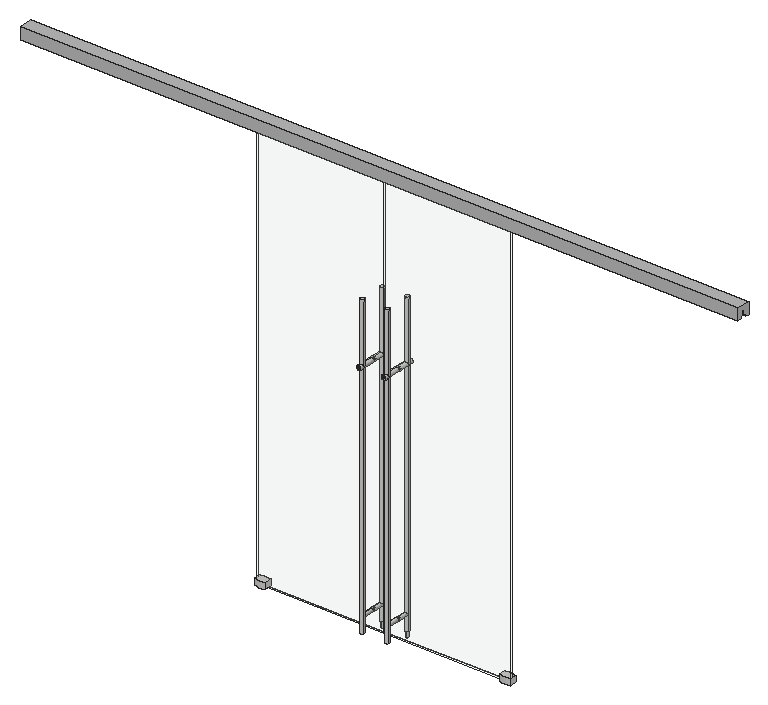
Revit family "Doors_Sliding_Avanti_Systems_Polaris-Auto-Magnetic-Slider_Pair-Soffit-Mount-Dbl-Glazed", category Doors, Revit 2015
Parameters (values of type "Load Family Type Catalog")
  Youtube clip = ""
  Weight Net (Kg) = "0"
  Warranty = "1 year"  # constant formula
  Uniformat II Description = "Interior Doors"
  Uniformat II Code = "C1020"
  Uniclass 2015 Name = "Sliding door and partition sets"
  Uniclass 2015 Code = "Pr_30_59_24_80"
  Uniclass 2.0 Description = "Sliding Door And Partition Sets"
  Uniclass 2.0 Code = "PR-59-23-77"
  Uniclass 1.4 Description = "Doors"
  Uniclass 1.4 Code = "JL20"
  URL = "https://www.avantisystemsusa.com/"
  UNSPSC Code = "30171501"
  Type = 1
  Thickness = if(Type = 1, 1/2", if(Type = 2, 3/8", if(Type = 3, 7/16", if(Type = 4, 9/16", 3/4"))))  # 1/2"
  Technical description = ""
  Stainless Steel Finish = "Yes"  # constant formula
  Sound Rating = 0
  Region South America = "All"
  Region Oceania = "All"
  Region North America = "All"
  Region Middle East = "All"
  Region Europe = "All"
  Region Asia = "All"
  Region Antarctica = "All"
  Region Africa = "All"
  Rail material [instance] = Polyester powder - Avanti - White aluminium METALLIC - RAL9006
  Rail Length [instance] = 3 * (Opening Width)  # 144"
  QR code = "http://bimobject.com/avantisystems/product/avanti-polaris-auto-magnetic-slider"
  Product url = "https://www.avantisystemsusa.com/glass-products/doors/sliding-doors/automatic-doors/"
  Product group = "Automatic Doors"
  Product family = "Sliding Doors"
  Product data url = "https://bimobject.com/avantisystems/product/avanti-polaris-auto-magnetic-slider"
  Product certification = ""
  Product SKU = "avanti-polaris-auto-magnetic-slider"
  Product Guid = "5e847812-9909-4e74-9d64-870bde1c5a5f"
  Power = 110 V  # constant formula
  Opening Width [instance] = 48"
  OmniClass Description = "Sliding All Glass Doors"
  OmniClass Code = "23-17 11 23 13"
  Nominal width = 0"
  Nominal height = 0"
  NBS Reference Description = "Sliding Door And Partition Sets"
  NBS Reference Code = "59-23-77"
  Model = "Polaris™  Auto Magnetic Slider"  # constant formula
  Material secondary = "Aluminium"
  Material main = "Glass"
  Masterformat 2014 Description = "Sliding Aluminum-Framed Glass Doors"
  Masterformat 2014 Code = "08 32 13"
  Manufacturer name = "Avanti Systems"
  Manufacturer country = ""
  Manufacturer = "Avanti Systems USA"  # constant formula
  Lock = "Thumb turn floor lock with a key"
  Ladder Pull Height [instance] = 18"
  LEED compatibility = "LEED 2009 (v3): MRc3, MRc4, MRc5, MRc7, EQc4.2, EQc8.1 and EQc8.2. LEED v4: MRc1, MRc3, MRc4, MRc8, EQc2, EQc7 and EQc8."  # constant formula
  Installation instructions = ""
  IFC Classification = "Door"
  Hardware material [instance] = Stainless Steel - Avanti- Brushed Finish
  Handle type [instance] = Handle : 60" Ladder Pull
  Half_width [instance] = (Opening Width / 2) + 1 1/2"  # 25 1/2"
  Glazing = "Safety Glazing SGCC"
  Glass Width [instance] = 51"
  Glass Material = Glass - Avanti - Laminated Glass
  Glass Marker = yes
  Glass Height [instance] = 83.39926"
  Gap Thickness = if(Type = 1, 1 1/4", if(Type = 2, 1 39/128", if(Type = 3, 1 35/128", if(Type = 4, 1 27/128", 1 15/128"))))  # 1 1/4"
  Function = Interior
  Edition number = 1
  EAN code = ""
  Design country = "United States"
  Description = "The newset innovation in modern interior office entryway design."  # constant formula
  Date of publishing = ""
  Clear Anodic Finish = "ASTM B221 (ASTM B221M)"  # constant formula
  COBIe Type Category = ""
  Brand url = "http://www.avantisystemsusa.com/"
  BIMobject main category code = "doors"
  BIMobject main category = "Doors"
  BIMobject category code = "doors-sliding"
  BIMobject category = "Sliding"
  Analytic Construction = "<None>"
Reference planes (in)
  plane 1 "Center (Front/Back)": y = 0
  plane 2: z = 0
  plane 3 "Center (Left/Right)": x = 1.22127
  plane 4: x = -22.77873
  plane 5: x = 25.22127
  plane 6 "Top": z = 84
  plane 7 "Curtain_wall_center": y = 1.74219
  plane 8 "Curtain_wall_exterior": y = 1.99219
  plane 9 "Curtain_wall_interior": y = 1.49219
  plane 10 "Doors_exterior": y = 3.74219
  plane 11 "Doors_center": y = 3.49219
  plane 12 "Doors_interior": y = 3.24219
  plane 13 "Door_offset_left": x = -24.27873
  plane 14 "Door_offset_top": z = 83.55117
  plane 15 "Handle_placement_top": z = 18
  plane 16 "Handle_placement_level": x = -1.27873
  plane 17: x = -22.2959
  plane 18: z = 0.15191
  plane 19: x = 26.72127
  plane 20: x = 3.72127
  plane 21: x = 24.73844
  plane 22: x = 6.72127
  plane 23: x = 73.22127
  plane 24: x = -70.77873
  plane 25: z = 41.77559
  plane 26: x = 13.97127
  plane 27: x = -12.77873
  plane 28: z = 84.55469
Forms (in)
  Extrusion 1, solid, material "Stainless Steel - Avanti- Brushed Finish" <- "Hardware material"
    sketch origin (-4.50212, 0, 0) x (-1, 0, 0) y (0, -1, 0)
      loop
        line (-31.48642, -2.97625) -> (-31.48642, -4.26321)
        arc (-31.48642, -4.26321) -> (-30.36341, -4.41249) -> (-29.24056, -4.26204) r 4.28197
        line (-29.24056, -4.26204) -> (-29.24056, -2.97625)
        arc (-29.24056, -2.97625) -> (-30.36349, -2.77392) -> (-31.48642, -2.97625) r 3.2173
    from 0 to 1.21575
  Extrusion 2, solid, material "Glass - Avanti - Laminated Glass" <- "Glass Material"
    sketch origin (0, 0, 0) x (1, 0, 0) y (0, 0, 1)
      loop
        line (26.72127, 83.55117) -> (1.22127, 83.55117) -> (1.22127, 0.15191) -> (26.72127, 0.15191) -> (26.72127, 83.55117)
    from -3.74219 to -3.24219
  Extrusion 3, solid, material "Glass - Avanti - Laminated Glass" <- "Glass Material"
    sketch origin (0, 0, 0) x (1, 0, 0) y (0, 0, 1)
      loop
        line (1.22127, 83.55117) -> (-24.27873, 83.55117) -> (-24.27873, 0.15191) -> (1.22127, 0.15191) -> (1.22127, 83.55117)
    from -3.74219 to -3.24219
  Sweep 4, solid, material "Polyester powder - Avanti - White aluminium METALLIC - RAL9006" <- "Rail material"
    path origin (0, 0, 12.28232) x (1, 0, 0) y (0, 0, 1)
      loop
        line (73.22127, 71.35828) -> (-70.77873, 71.35828)
    profile origin (1.22127, 0, 83.64061) x (0, 0, -1) y (0, -1, 0)
      loop
        line (1.44813, -4.75446) -> (1.44813, -4.1639) -> (1.05049, -4.1639) -> (1.05049, -3.74219) -> (0.08944, -3.74219) -> (0.08944, -3.24219) -> (1.08986, -3.24219) -> (1.08986, -2.96705) -> (1.44813, -2.96705) -> (1.44813, -1.99855) -> (-0.91408, -1.99855) -> (-0.91408, -4.75446) -> (1.44813, -4.75446)
  Extrusion 5, solid, material "Stainless Steel - Avanti- Brushed Finish" <- "Hardware material", not visible
    sketch origin (6.49788, 0, 0) x (-1, 0, 0) y (0, -1, 0)
      loop
        line (-20.48642, -2.97625) -> (-20.48642, -4.26321)
        arc (-20.48642, -4.26321) -> (-19.36341, -4.41249) -> (-18.24056, -4.26204) r 4.28197
        line (-18.24056, -4.26204) -> (-18.24056, -2.97625)
        arc (-18.24056, -2.97625) -> (-19.36349, -2.77392) -> (-20.48642, -2.97625) r 3.2173
    from 0 to 1.21575
  Extrusion 6, solid, material "Stainless Steel - Avanti- Brushed Finish" <- "Hardware material", not visible
    sketch origin (-4.50212, 0, 0) x (-1, 0, 0) y (0, -1, 0)
      loop
        line (-31.48642, -2.97625) -> (-31.48642, -4.26321)
        arc (-31.48642, -4.26321) -> (-30.36341, -4.41249) -> (-29.24056, -4.26204) r 4.28197
        line (-29.24056, -4.26204) -> (-29.24056, -2.97625)
        arc (-29.24056, -2.97625) -> (-30.36349, -2.77392) -> (-31.48642, -2.97625) r 3.2173
    from 0 to 1.21575
  Extrusion 7, solid, material "Stainless Steel - Avanti- Brushed Finish" <- "Hardware material"
    sketch origin (-4.50212, 0, 0) x (-1, 0, 0) y (0, -1, 0)
      loop
        arc (20.03964, -2.97625) -> (18.91671, -2.77392) -> (17.79378, -2.97625) r 3.2173
        line (17.79378, -2.97625) -> (17.79378, -4.26204)
        arc (17.79378, -4.26204) -> (18.91663, -4.41249) -> (20.03964, -4.26321) r 4.28197
        line (20.03964, -4.26321) -> (20.03964, -2.97625)
    from 0 to 1.21575
Lines and regions (in)
  symbolic lines, style "0"
    curve 1: line (-24.54176, 2.97625, 0) -> (-24.54176, 4.23469, 0)
    curve 2: line (-22.2959, 2.97625, 0) -> (-22.2959, 4.23469, 0)
    curve 3: circle (-24.27873, 3.49219, 0) r 0.22256 normal (0, 0, 1)
    curve 4: circle (-24.27873, 3.49219, 0) r 0.13151 normal (0, 0, 1)
    curve 5: circle (-22.55893, 3.49219, 0) r 0.22256 normal (0, 0, 1)
    curve 6: circle (-22.55893, 3.49219, 0) r 0.13151 normal (0, 0, 1)
    curve 7: arc (-22.95391, 3.11788, 0) -> (-22.82196, 3.49219, 0) -> (-22.95391, 3.8665, 0) r 0.59687
    curve 8: arc (-23.88375, 3.8665, 0) -> (-24.0157, 3.49219, 0) -> (-23.88375, 3.11788, 0) r 0.59687
    curve 9: arc (-22.2959, 4.23469, 0) -> (-23.41883, 4.42368, 0) -> (-24.54176, 4.23469, 0) r 3.43052
    curve 10: line (-22.2959, 3.8665, 0) -> (-24.54176, 3.8665, 0)
    curve 11: line (-22.2959, 3.11788, 0) -> (-24.54176, 3.11788, 0)
    curve 23: arc (-22.2959, 2.97625, 0) -> (-23.41883, 2.77392, 0) -> (-24.54176, 2.97625, 0) r 3.2173
    curve 37: line (-22.2959, 3.24219, 0) -> (24.73844, 3.24219, 0)
    curve 38: line (24.73844, 3.24219, 0) -> (24.73844, 3.74219, 0)
    curve 39: line (-22.2959, 3.74219, 0) -> (24.73844, 3.74219, 0)
    curve 40: line (1.22127, 3.74219, 83.55117) -> (1.22127, 3.24219, 83.55117)
    curve 41: line (1.22127, 3.74219, 0.15191) -> (1.22127, 3.74219, 83.55117)
    curve 42: line (1.22127, 3.24219, 0.15191) -> (1.22127, 3.74219, 0.15191)
    curve 43: line (1.22127, 3.24219, 83.55117) -> (1.22127, 3.24219, 0.15191)
    curve 44: line (26.9843, 2.97625, 0) -> (26.9843, 4.23469, 0)
    curve 45: line (24.73844, 2.97625, 0) -> (24.73844, 4.23469, 0)
    curve 46: circle (26.72127, 3.49219, 0) r 0.22256 normal (0, 0, -1)
    curve 47: circle (26.72127, 3.49219, 0) r 0.13151 normal (0, 0, -1)
    curve 48: circle (25.00147, 3.49219, 0) r 0.22256 normal (0, 0, -1)
    curve 49: circle (25.00147, 3.49219, 0) r 0.13151 normal (0, 0, -1)
    curve 50: arc (25.39645, 3.11788, 0) -> (25.26449, 3.49219, 0) -> (25.39645, 3.8665, 0) r 0.59687
    curve 51: arc (26.32629, 3.8665, 0) -> (26.45824, 3.49219, 0) -> (26.32629, 3.11788, 0) r 0.59687
    curve 52: arc (24.73844, 4.23469, 0) -> (25.86137, 4.42368, 0) -> (26.9843, 4.23469, 0) r 3.43052
    curve 53: line (24.73844, 3.8665, 0) -> (26.9843, 3.8665, 0)
    curve 54: line (24.73844, 3.11788, 0) -> (26.9843, 3.11788, 0)
    curve 55: arc (24.73844, 2.97625, 0) -> (25.86137, 2.77392, 0) -> (26.9843, 2.97625, 0) r 3.2173
    curve 62: line (1.22127, 3.74219, 0) -> (1.22127, 3.24219, 0)
  symbolic lines, style "0", not visible
    curve 12: line (-11.39483, 5.69093, 0) -> (-11.39483, 4.43248, 0)
    curve 13: line (-13.64069, 5.69093, 0) -> (-13.64069, 4.43248, 0)
    curve 14: circle (-11.65786, 5.17499, 0) r 0.22256 normal (0, 0, 1)
    curve 15: circle (-11.65786, 5.17499, 0) r 0.13151 normal (0, 0, 1)
    curve 16: circle (-13.37767, 5.17499, 0) r 0.22256 normal (0, 0, 1)
    curve 17: circle (-13.37767, 5.17499, 0) r 0.13151 normal (0, 0, 1)
    curve 18: arc (-12.98268, 5.5493, 0) -> (-13.11464, 5.17499, 0) -> (-12.98268, 4.80068, 0) r 0.59687
    curve 19: arc (-12.05285, 4.80068, 0) -> (-11.92089, 5.17499, 0) -> (-12.05285, 5.5493, 0) r 0.59687
    curve 20: arc (-13.64069, 4.43248, 0) -> (-12.51776, 4.24349, 0) -> (-11.39483, 4.43248, 0) r 3.43052
    curve 21: line (-13.64069, 4.80068, 0) -> (-11.39483, 4.80068, 0)
    curve 22: line (-13.64069, 5.5493, 0) -> (-11.39483, 5.5493, 0)
    curve 24: arc (-13.64069, 5.69093, 0) -> (-12.51776, 5.89326, 0) -> (-11.39483, 5.69093, 0) r 3.2173
    curve 63: line (-24.41025, 3.49219, 0) -> (-24.14722, 3.49219, 0)
    curve 64: line (-11.52635, 5.17499, 0) -> (-11.78938, 5.17499, 0)
    curve 65: line (26.85278, 3.49219, 0) -> (26.58975, 3.49219, 0)
    curve 86: line (-1.27873, 4.49219, 0) -> (-1.27873, 4.99219, 0)
    curve 87: line (20.74894, 3.375, 0) -> (20.74894, 3.875, 0)
    curve 88: line (3.72127, 4.49219, 0) -> (3.72127, 4.99219, 0)
    curve 89: line (-1.27873, 2.11882, 0) -> (-1.27873, 2.68704, 0)
    curve 90: line (20.74894, 1.00164, 0) -> (20.74894, 1.56985, 0)
    curve 91: line (3.72127, 2.11882, 0) -> (3.72127, 2.68704, 0)
  symbolic lines, style "0", detail levels medium+fine
    curve 25: circle (-1.27873, 6.0161, 0) r 0.39445 normal (0, 0, 1)
    curve 26: line (-1.58874, 5.77219, 0) -> (-1.58874, 3.74219, 0)
    curve 27: line (-0.96572, 5.77606, 0) -> (-0.96572, 3.74219, 0)
    curve 28: circle (-1.27873, 0.96828, 0) r 0.39445 normal (0, 0, -1)
    curve 29: line (-1.58874, 1.21218, 0) -> (-1.58874, 3.24219, 0)
    curve 30: line (-0.96572, 1.20831, 0) -> (-0.96572, 3.24219, 0)
    curve 56: circle (3.72127, 6.0161, 0) r 0.39445 normal (0, 0, -1)
    curve 57: line (4.03127, 5.77219, 0) -> (4.03127, 3.74219, 0)
    curve 58: line (3.40826, 5.77606, 0) -> (3.40826, 3.74219, 0)
    curve 59: circle (3.72127, 0.96828, 0) r 0.39445 normal (0, 0, 1)
    curve 60: line (4.03127, 1.21218, 0) -> (4.03127, 3.24219, 0)
    curve 61: line (3.40826, 1.20831, 0) -> (3.40826, 3.24219, 0)
  symbolic lines, style "0", not visible, detail levels medium+fine
    curve 31: circle (20.74894, 4.89891, 0) r 0.39445 normal (0, 0, 1)
    curve 32: line (20.43894, 4.65501, 0) -> (20.43894, 2.625, 0)
    curve 33: line (21.06195, 4.65887, 0) -> (21.06195, 2.625, 0)
    curve 34: circle (20.74894, -0.14891, 0) r 0.39445 normal (0, 0, -1)
    curve 35: line (20.43894, 0.09499, 0) -> (20.43894, 2.125, 0)
    curve 36: line (21.06195, 0.09113, 0) -> (21.06195, 2.125, 0)
  symbolic lines, visible <- "Glass Marker"
    curve 66: line (11.14284, -0.24998, 38.94716) -> (16.7997, -0.24998, 44.60401)
    curve 67: line (13.97127, -0.24998, 39.92763) -> (15.81923, -0.24998, 41.77559)
    curve 68: line (12.12331, -0.24998, 41.77559) -> (13.97127, -0.24998, 43.62354)
    curve 76: line (-15.60716, -0.24998, 38.94716) -> (-9.9503, -0.24998, 44.60401)
    curve 77: line (-12.77873, -0.24998, 39.92763) -> (-10.93077, -0.24998, 41.77559)
    curve 78: line (-14.62669, -0.24998, 41.77559) -> (-12.77873, -0.24998, 43.62354)
  symbolic lines, not visible
    curve 69: line (12.12331, 0.25002, 41.77559) -> (15.81923, 0.25002, 41.77559)
    curve 74: line (-1.84534, 0.25002, 22.66367) -> (1.85057, 0.25002, 22.66367)
    curve 79: line (-14.62669, 0.25002, 41.77559) -> (-10.93077, 0.25002, 41.77559)
    curve 84: line (-1.84534, 0.25002, 22.66367) -> (1.85057, 0.25002, 22.66367)
  model lines, not visible
    curve 70: line (13.97127, 0.25002, 39.92763) -> (13.97127, 0.25002, 43.62354)
    curve 75: line (0.00262, 0.25002, 20.81572) -> (0.00262, 0.25002, 24.51163)
    curve 80: line (-12.77873, 0.25002, 39.92763) -> (-12.77873, 0.25002, 43.62354)
    curve 85: line (0.00262, 0.25002, 20.81572) -> (0.00262, 0.25002, 24.51163)
  symbolic lines, visible <- "Glass Marker", not visible
    curve 71: line (-2.82581, -0.24998, 19.83525) -> (2.83104, -0.24998, 25.4921)
    curve 72: line (0.00262, -0.24998, 20.81572) -> (1.85057, -0.24998, 22.66367)
    curve 73: line (-1.84534, -0.24998, 22.66367) -> (0.00262, -0.24998, 24.51163)
    curve 81: line (-2.82581, -0.24998, 19.83525) -> (2.83104, -0.24998, 25.4921)
    curve 82: line (0.00262, -0.24998, 20.81572) -> (1.85057, -0.24998, 22.66367)
    curve 83: line (-1.84534, -0.24998, 22.66367) -> (0.00262, -0.24998, 24.51163)
Text (in)
  text "Exterior" at (-45.72835, 31.38743, 0), in view "Ref. Level"
Dimensions and locks (in)
  equal spacing: plane 4, plane 3 "Center (Left/Right)", plane 5
  equal spacing: plane 8 "Curtain_wall_exterior", plane 7 "Curtain_wall_center", plane 9 "Curtain_wall_interior"
  equal spacing: plane 10 "Doors_exterior", plane 11 "Doors_center", plane 12 "Doors_interior"
  "Gap Thickness": plane 12 "Doors_interior" to plane 8 "Curtain_wall_exterior"
  "Thickness": plane 10 "Doors_exterior" to plane 12 "Doors_interior"
  "Thickness": plane 8 "Curtain_wall_exterior" to plane 9 "Curtain_wall_interior"
  "Ladder Pull Height": plane 2 to plane 15 "Handle_placement_top"
  locked: plane 16 "Handle_placement_level" to plane 3 "Center (Left/Right)" at 2.5
  locked: plane 20 to plane 3 "Center (Left/Right)" at 2.5
  plane 16 "Handle_placement_level" to plane 3 "Center (Left/Right)" to plane 20 = 2 1/2", 2 1/2"
  locked: plane 5 to plane 19 at 1.5
  locked: plane 13 "Door_offset_left" to plane 4 at 1.5
  "Opening Width": plane 4 to plane 5
  locked: plane 21 to plane 5 at 0.48283
  equal spacing: plane 24, plane 3 "Center (Left/Right)", plane 23
  "Rail Length": plane 24 to plane 23
  equal spacing: plane 2, plane 25, plane 14 "Door_offset_top"
  equal spacing: plane 19, plane 26, plane 3 "Center (Left/Right)"
  equal spacing: plane 13 "Door_offset_left", plane 27, plane 16 "Handle_placement_level"
  nested 4 to curve 69 = 6.72245"
  curve 69 to nested 5 = 6.72245"
  locked: plane 2 to plane 18 at 0.15191
  "Glass Height": plane 18 to plane 14 "Door_offset_top"
  "Glass Width": plane 19 to plane 13 "Door_offset_left"
  locked: plane 1 "Center (Front/Back)" to plane 7 "Curtain_wall_center" at 1.74219
  locked: plane 6 "Top" to plane 28 at 0.55469
  locked: plane 14 "Door_offset_top" to plane 28 at 1.00352
  locked: nested 2 to plane 10 "Doors_exterior" at 3.12431
  locked: nested 3 to plane 10 "Doors_exterior" at 3
  locked: plane 13 "Door_offset_left" to plane 17 at 1.98283
  aligned and locked: level to plane 2
  aligned and locked: curve 2 to plane 17
  aligned and locked: plane 10 "Doors_exterior" to curve 27
  aligned and locked: plane 10 "Doors_exterior" to curve 26
  aligned and locked: plane 12 "Doors_interior" to curve 30
  aligned and locked: plane 12 "Doors_interior" to curve 29
  aligned and locked: Extrusion 1 to plane 21
  aligned and locked: Extrusion 2 sketch curve to plane 19
  aligned and locked: Extrusion 2 sketch curve to plane 14 "Door_offset_top"
  aligned and locked: Extrusion 2 sketch curve to plane 3 "Center (Left/Right)"
  aligned and locked: Extrusion 3 sketch curve to plane 14 "Door_offset_top"
  aligned and locked: Extrusion 3 sketch curve to plane 13 "Door_offset_left"
  aligned and locked: plane 21 to curve 45
  aligned and locked: plane 21 to curve 38
  aligned and locked: plane 10 "Doors_exterior" to curve 58
  aligned and locked: plane 12 "Doors_interior" to curve 61
  aligned and locked: plane 23 to Sweep 4 sketch curve
  aligned and locked: plane 24 to Sweep 4 sketch curve
  aligned and locked: curve 63 to plane 11 "Doors_center"
  aligned and locked: plane 11 "Doors_center" to curve 65  (x2)
  aligned and locked: curve 70 to plane 26
  aligned and locked: plane 25 to curve 69
  aligned and locked: plane 25 to curve 79
  aligned and locked: curve 80 to plane 27
  aligned and locked: plane 11 "Doors_center" to nested 1
  aligned and locked: Sweep 4 sketch curve to nested 1  (x4)
  aligned and locked: Sweep 4 sketch curve to plane 10 "Doors_exterior"
  aligned and locked: Sweep 4 sketch curve to plane 12 "Doors_interior"
  aligned and locked: plane 10 "Doors_exterior" to Extrusion 3
  aligned and locked: Extrusion 3 to plane 12 "Doors_interior"
  aligned and locked: Extrusion 2 to plane 12 "Doors_interior"
  aligned and locked: plane 10 "Doors_exterior" to Extrusion 2
  aligned and locked: nested 4 to plane 26
  aligned and locked: nested 5 to plane 27
  aligned and locked: plane 18 to Extrusion 3
  aligned and locked: Sweep 4 to nested 1
  aligned and locked: Sweep 4 to plane 28  (x2)
  aligned and locked: plane 14 "Door_offset_top" to Sweep 4
  aligned and locked: plane 28 to nested 1
  aligned and locked: nested 6 to plane 16 "Handle_placement_level"
  aligned and locked: plane 2 to nested 6
  aligned and locked: nested 6 to plane 10 "Doors_exterior"
  aligned and locked: curve 86 to plane 16 "Handle_placement_level"
  aligned and locked: plane 20 to curve 88
  aligned and locked: curve 89 to plane 16 "Handle_placement_level"
  aligned and locked: plane 20 to curve 91
  aligned and locked: plane 11 "Doors_center" to curve 63
  aligned and locked: curve 39 to plane 10 "Doors_exterior"
  aligned and locked: plane 20 to nested 7
  aligned and locked: plane 27 to nested 2
  aligned and locked: plane 26 to nested 3
  aligned and locked: plane 21 to Extrusion 1
  aligned and locked: Extrusion 7 to plane 17
Automatic sketch dimensions
  curve 3 to curve 4 = 0"  (x4)
  curve 5 to curve 6 = 0"  (x4)
  curve 7 to curve 8 = 0"  (x4)
  curve 10 to curve 6 = 0.26303"
  curve 5 to curve 8 = 0.8599"
  curve 2 to curve 23 = 1.12293"
  curve 2 to curve 9 = 1.12293"
  curve 7 to curve 4 = 0.8599"
  curve 3 to curve 1 = 0.26303"
  curve 23 to curve 2 = 1.75652"
  curve 9 to curve 6 = 0.7425"
  curve 8 to curve 5 = 0"
  curve 1 to curve 4 = 0.7425"
  curve 5 to curve 2 = 0.51594"
  curve 23 to curve 9 = 1.98308"
  curve 5 to curve 7 = 0.39498"  (x2)
  curve 8 to curve 3 = 0.39498"
  curve 3 to curve 63 = 0.13151"
  curve 9 to curve 10 = 0.36819"
  curve 63 to curve 3 = 0"
  curve 14 to curve 15 = 0"  (x4)
  curve 16 to curve 17 = 0"  (x4)
  curve 18 to curve 19 = 0"  (x4)
  curve 21 to curve 17 = 0.26303"
  curve 16 to curve 19 = 0.8599"
  curve 13 to curve 24 = 1.12293"
  curve 13 to curve 20 = 1.12293"
  curve 18 to curve 15 = 0.8599"
  curve 14 to curve 12 = 0.26303"
  curve 24 to curve 13 = 1.75652"
  curve 20 to curve 17 = 0.7425"
  curve 19 to curve 16 = 0"
  curve 12 to curve 15 = 0.7425"
  curve 16 to curve 13 = 0.51594"
  curve 24 to curve 20 = 1.98308"
  curve 16 to curve 18 = 0.39498"  (x2)
  curve 19 to curve 14 = 0.39498"
  curve 14 to curve 64 = 0.13151"
  curve 20 to curve 21 = 0.36819"
  curve 64 to curve 14 = 0"
  curve 46 to curve 47 = 0"  (x4)
  curve 48 to curve 49 = 0"  (x4)
  curve 50 to curve 51 = 0"  (x4)
  curve 53 to curve 49 = 0.26303"
  curve 48 to curve 51 = 0.8599"
  curve 45 to curve 55 = 1.12293"
  curve 45 to curve 52 = 1.12293"
  curve 50 to curve 47 = 0.8599"
  curve 46 to curve 44 = 0.26303"
  curve 45 to curve 55 = 1.75652"
  curve 49 to curve 52 = 0.7425"
  curve 51 to curve 48 = 0"
  curve 47 to curve 44 = 0.7425"
  curve 45 to curve 48 = 0.51594"
  curve 52 to curve 55 = 1.98308"
  curve 48 to curve 50 = 0.39498"  (x2)
  curve 51 to curve 46 = 0.39498"
  curve 46 to curve 65 = 0.13151"
  curve 53 to curve 52 = 0.36819"
  curve 65 to curve 46 = 0"
  curve 86 to curve 25 = 0"
  curve 26 to curve 86 = 0.31001"
  curve 26 to curve 27 = 0.62301"
  curve 27 to curve 25 = 0.24003"
  curve 86 to curve 26 = 0.78001"
  curve 86 to curve 86 = 1/2"
  curve 26 to curve 86 = 3/4"
  curve 26 to curve 27 = 0"
  curve 87 to curve 31 = 0"
  curve 32 to curve 87 = 0.31001"
  curve 32 to curve 33 = 0.62301"
  curve 33 to curve 31 = 0.24003"
  curve 87 to curve 32 = 0.78001"
  curve 87 to curve 87 = 1/2"
  curve 32 to curve 87 = 3/4"
  curve 32 to curve 33 = 0"
  curve 88 to curve 56 = 0"
  curve 57 to curve 88 = 0.31001"
  curve 57 to curve 58 = 0.62301"
  curve 56 to curve 58 = 0.24003"
  curve 57 to curve 88 = 0.78001"
  curve 88 to curve 88 = 1/2"
  curve 88 to curve 57 = 3/4"
  curve 57 to curve 58 = 0"
  curve 89 to curve 28 = 0"
  curve 29 to curve 89 = 0.31001"
  curve 29 to curve 30 = 0.62301"
  curve 28 to curve 30 = 0.24003"
  curve 29 to curve 89 = 0.90664"
  curve 89 to curve 89 = 0.56821"
  curve 89 to curve 30 = 0.55515"
  curve 29 to curve 30 = 0"
  curve 90 to curve 34 = 0"
  curve 35 to curve 90 = 0.31001"
  curve 35 to curve 36 = 0.62301"
  curve 34 to curve 36 = 0.24003"
  curve 35 to curve 90 = 0.90664"
  curve 90 to curve 90 = 0.56821"
  curve 90 to curve 36 = 0.55515"
  curve 35 to curve 36 = 0"
  curve 91 to curve 59 = 0"
  curve 60 to curve 91 = 0.31001"
  curve 60 to curve 61 = 0.62301"
  curve 61 to curve 59 = 0.24003"
  curve 91 to curve 60 = 0.90664"
  curve 91 to curve 91 = 0.56821"
  curve 61 to curve 91 = 0.55515"
  curve 60 to curve 61 = 0"
  Extrusion 5 sketch curve to Extrusion 5 sketch curve = 1.12077"
  Extrusion 5 sketch curve to Extrusion 5 sketch curve = 1.12293"  (x2)
  Extrusion 5 sketch curve to Extrusion 5 sketch curve = 2.84572"
  Extrusion 5 sketch curve to Extrusion 5 sketch curve = 1.28579"
  Extrusion 5 sketch curve to Extrusion 5 sketch curve = 1.728"
  Extrusion 1 sketch curve to Extrusion 1 sketch curve = 1.728"
  Extrusion 1 sketch curve to Extrusion 1 sketch curve = 1.12077"
  Extrusion 1 sketch curve to Extrusion 1 sketch curve = 1.12293"  (x2)
  Extrusion 1 sketch curve to Extrusion 1 sketch curve = 2.84572"
  Extrusion 1 sketch curve to Extrusion 1 sketch curve = 1.28579"
  Extrusion 6 sketch curve to Extrusion 6 sketch curve = 1.728"
  Extrusion 6 sketch curve to Extrusion 6 sketch curve = 1.12077"
  Extrusion 6 sketch curve to Extrusion 6 sketch curve = 1.12293"  (x2)
  Extrusion 6 sketch curve to Extrusion 6 sketch curve = 2.84572"
  Extrusion 6 sketch curve to Extrusion 6 sketch curve = 1.28579"
  Extrusion 7 sketch curve to Extrusion 7 sketch curve = 1.728"
  Extrusion 7 sketch curve to Extrusion 7 sketch curve = 1.12077"
  Extrusion 7 sketch curve to Extrusion 7 sketch curve = 1.12293"  (x2)
  Extrusion 7 sketch curve to Extrusion 7 sketch curve = 2.84572"
  Extrusion 7 sketch curve to Extrusion 7 sketch curve = 1.28579"
  curve 40 to plane 12 "Doors_interior" = 0"
  curve 42 to plane 10 "Doors_exterior" = 0"
  curve 42 to plane 18 = 0"
  curve 41 to plane 14 "Door_offset_top" = 0"
  curve 39 to plane 17 = 0"
  curve 37 to plane 12 "Doors_interior" = 0"
  curve 37 to plane 17 = 0"
  curve 62 to plane 3 "Center (Left/Right)" = 0"
  Extrusion 2 sketch curve to plane 18 = 0"
  Extrusion 3 sketch curve to plane 3 "Center (Left/Right)" = 0"
  Extrusion 3 sketch curve to plane 18 = 0"
  plane 14 "Door_offset_top" to Sweep 4 sketch curve = 0.08944"
  profile plane to Sweep 4 sketch curve = 117/128"
  Sweep 4 sketch curve to profile plane = 0.08944"
  Sweep 4 sketch curve to Sweep 4 sketch curve = 0.96105"
  Sweep 4 sketch curve to Sweep 4 sketch curve = 0.03937"
  Sweep 4 sketch curve to Sweep 4 sketch curve = 0.35827"
  Sweep 4 sketch curve to Sweep 4 sketch curve = 0.39764"
  radius of curve 3 = 0.22256"
  radius of curve 5 = 0.22256"
  radius of curve 6 = 0.13151"
  radius of curve 14 = 0.22256"
  radius of curve 16 = 0.22256"
  radius of curve 17 = 0.13151"
  radius of curve 46 = 0.22256"
  radius of curve 48 = 0.22256"
  radius of curve 49 = 0.13151"
Nested families (in)
  nested 1: "Rail-Detail" at (1.22127, 3.41833, 83.37358) x (0, 1, 0) z (1, 0, 0), type "Rail-Detail"
  nested 2: "Arrow" at (-12.77873, 6.8665, 0), type "arrow"
  nested 3: "Arrow" at (13.97127, 6.74219, 0) x (-1, 0, 0) z (0, 0, 1), type "arrow"
  nested 4: "Arrow" at (13.97127, 0, 48.49804) x (-1, 0, 0) z (0, -1, 0), type "arrow"
  nested 5: "Arrow" at (-12.77873, 0, 48.49804) x (1, 0, 0) z (0, -1, 0), type "arrow"
  nested 6: "Handle" at (-2.90373, 1.86719, 38) x (1, 0, 0) z (0, -1, 0), type <- "Handle type", type "60" Ladder Pull", detail levels medium+fine
    with Locker yes
  nested 7: "Handle" at (5.34627, 1.86719, 38) x (-1, 0, 0) z (0, -1, 0), type <- "Handle type", type "60" Ladder Pull", detail levels medium+fine
    with Locker yes
Definition of nested family "Handle"
  Parameters (values of type "48" Ladder Pull")
    Width = 54.28299"
    Type = 3
    Ladder Pool Height = 18"
    Ladder 60" = if(Type = 5, 1 = 1, 1 = 0)  # no
    Ladder = if(Type = 3, 1 = 1, 1 = 0)  # yes
    Thickness = 1/2"
    Panic hardware = if(Type = 4, 1 = 1, 1 = 0)  # no
    Material = none
    Locker [instance] = yes
    Height = 90 9/16"
    Glass door = if(Type = 2, 1 = 1, 1 = 0)  # no
    Framed door = if(Type = 1, 1 = 1, 1 = 0)  # no
    Default Elevation = 48"
  Types (2): name | Type | Ladder 60" | Ladder
    60" Ladder Pull | 5 | yes | no
    48" Ladder Pull | 3 | no | yes
  Reference planes (in)
    plane 1 "Center (Front/Back)": y = 0
    plane 2: z = 0
    plane 3 "Center (Left/Right)": x = 0
    plane 4 "door_up": z = -1.375
    plane 5 "door_down": z = -1.875
    plane 6: z = -3.25
    plane 7: x = -1.25
    plane 8: x = -43.31449
    plane 9: x = -46.03299
    plane 10: x = -43.31449
    plane 11: y = 51.9375
    plane 12: y = 0.625
    plane 13: y = 11.125
    plane 14: y = 52.5625
    plane 15: y = -38
    plane 16: x = -50.15799
    plane 17 "door": x = 4.125
    plane 18: x = 1.625
    plane 19: y = -20
  Forms (in)
    Sweep 1, solid, material <- "Material", visible <- "Panic hardware"
      path origin (0, 0, 0) x (1, 0, 0) y (0, 1, 0)
        loop
          line (-1.25, 51.9375) -> (-1.25, 4.25)
          arc (-1.25, 4.25) -> (-2.12868, 2.12868) -> (-4.25, 1.25) r 3
          line (-4.25, 1.25) -> (-43.31449, 1.25)
      profile origin (-1.25, 28.09375, 0) x (1, 0, 0) y (0, 0, 1)
        loop
          circle (0.625, 0.625) r 0.625
    Sweep 2, solid, material <- "Material", visible <- "Panic hardware"
      path origin (0, 0, 0) x (1, 0, 0) y (0, 0, 1)
        loop
          line (-43.31449, 0) -> (-44.06449, 0)
          arc (-44.06449, 0) -> (-44.57255, -0.21044) -> (-44.78299, -0.7185) r 0.7185
          line (-44.78299, -0.7185) -> (-44.78299, -1.375)
      profile origin (-43.68949, 0, 0) x (0, 0, -1) y (0, -1, 0)
        loop
          circle (-0.625, -0.625) r 0.625
    Sweep 3, solid, material <- "Material", visible <- "Panic hardware"
      path origin (0, 0, -6.75) x (1, 0, 0) y (0, 0, -1)
        loop
          line (-43.31449, -3.5) -> (-44.06449, -3.5)
          arc (-44.06449, -3.5) -> (-44.57255, -3.71044) -> (-44.78299, -4.2185) r 0.7185
          line (-44.78299, -4.2185) -> (-44.78299, -4.875)
      profile origin (-43.68949, 0, -3.25) x (0, 0, -1) y (0, -1, 0)
        loop
          circle (0.625, -0.625) r 0.625
    Sweep 4, solid, material <- "Material", visible <- "Panic hardware"
      path origin (-30, 0, -6.75) x (-1, 0, 0) y (0, 0, -1)
        loop
          line (13.31449, -3.5) -> (-28.0315, -3.5)
          arc (-28.0315, -3.5) -> (-28.53956, -3.71044) -> (-28.75, -4.2185) r 0.7185
          line (-28.75, -4.2185) -> (-28.75, -4.875)
      profile origin (-22.6415, 0, -3.25) x (0, 0, 1) y (0, -1, 0)
        loop
          circle (-0.625, -0.625) r 0.625
  Cuts and joins
    joined: Sweep 1, Sweep 2
    joined: Sweep 3, Sweep 4
  Dimensions and locks (in)
    "Thickness": plane 5 "door_down" to plane 4 "door_up"
    locked: plane 3 "Center (Left/Right)" to plane 7 at 1.25
    locked: plane 9 to plane 8 at 2.7185
    locked: plane 9 to Sweep 3 sketch curve at 1.25
    locked: Sweep 2 sketch curve to plane 9 at 1.25
    locked: plane 10 to plane 9 at 2.7185
    locked: Sweep 1 sketch curve to plane 1 "Center (Front/Back)" at 1.25
    locked: plane 3 "Center (Left/Right)" to nested 1 at 0.125
    locked: plane 4 "door_up" to plane 2 at 1.375
    locked: plane 6 to plane 5 "door_down" at 1.375
    locked: plane 12 to plane 1 "Center (Front/Back)" at 0.625
    locked: plane 13 to plane 12 at 10.5
    locked: plane 14 to plane 11 at 0.625
    "Height": plane 14 to plane 15
    locked: plane 1 "Center (Front/Back)" to plane 15 at 38
    locked: plane 3 "Center (Left/Right)" to plane 17 "door" at 4.125
    "Width": plane 16 to plane 17 "door"
    locked: plane 16 to plane 10 at 6.8435
    locked: plane 18 to plane 17 "door" at 2.5
    "Ladder Pool Height": plane 19 to plane 15
    aligned and locked: level to plane 2
    aligned and locked: plane 4 "door_up" to cut or joined group of Sweep 1, Sweep 2
    aligned and locked: Sweep 2 sketch curve to plane 4 "door_up"
    aligned and locked: Sweep 3 sketch curve to plane 5 "door_down"
    aligned and locked: plane 6 to Sweep 3 sketch curve
    aligned and locked: plane 7 to Sweep 4 sketch curve
    aligned and locked: Sweep 4 sketch curve to plane 6
    aligned and locked: plane 8 to Sweep 4 sketch curve
    aligned and locked: plane 8 to Sweep 3 sketch curve
    aligned and locked: plane 10 to Sweep 2 sketch curve
    aligned and locked: plane 10 to Sweep 1 sketch curve
    aligned and locked: plane 11 to Sweep 1 sketch curve
    aligned and locked: plane 5 "door_down" to Sweep 4 sketch curve
    aligned and locked: nested 1 to plane 4 "door_up"
    aligned and locked: plane 13 to nested 1
    aligned and locked: nested 2 to plane 4 "door_up"
    aligned and locked: plane 3 "Center (Left/Right)" to nested 2
    aligned and locked: nested 2 to plane 11
    aligned and locked: nested 2 to plane 14
    aligned and locked: plane 18 to nested 3
    aligned and locked: plane 1 "Center (Front/Back)" to nested 3
    aligned and locked: nested 4 to plane 18
    aligned and locked: nested 4 to plane 1 "Center (Front/Back)"
    aligned and locked: nested 5 to plane 4 "door_up"
    aligned and locked: nested 5 to plane 17 "door"
    aligned and locked: nested 5 to plane 1 "Center (Front/Back)"
    aligned and locked: nested 6 to plane 4 "door_up"
    aligned and locked: plane 5 "door_down" to nested 7
    aligned and locked: nested 7 to plane 19
    aligned and locked: plane 19 to nested 6
    aligned and locked: nested 6 to plane 18
    aligned and locked: nested 7 to plane 18
    aligned and locked: plane 4 "door_up" to nested 8
    aligned and locked: plane 15 to nested 8
    aligned and locked: plane 5 "door_down" to nested 9
    aligned and locked: nested 9 to plane 15
    aligned and locked: plane 18 to nested 8
    aligned and locked: plane 18 to nested 9
  Nested families (in)
    nested 1: "Family2" at (-1.125, 11.125, 0.22234), visible <- "Panic hardware", type "Family2"
      with Lock yes
    nested 2: "Family3" at (-0.26102, 51.9375, -1.63602), visible <- "Panic hardware", type "Family3"
      with Thickness 1/2"
    nested 3: "Handle Timber" at (1.625, 0, -1.875), Locker <- "Locker", visible <- "Framed door", type "Handle Timber"
      with Locker yes
    nested 4: "Handle Timber" at (1.625, 0, -1.375) x (1, 0, 0) z (0, 0, -1), Locker <- "Locker", visible <- "Framed door", type "Handle Timber"
      with Locker yes
    nested 5: "Hinged Framed Swing locker" at (3.22214, -1.5625, -5.625), Handle and assembly material <- "Material", visible <- "Glass door", type "Hinged Framed Swing locker"
      with Handle and assembly material none
    nested 6: "Handle_For-Glass_Rounded_600mm" at (1.625, 13.36577, -1.375) x (-1, 0, 0) z (0, 0, -1), Handle Material <- "Material", visible <- "Ladder", type "Handle_For-Glass_Rounded_600mm"
      with Handle Material none, Handle Height 48"
    nested 7: "Handle_For-Glass_Rounded_600mm" at (1.625, -5.36577, -1.875) x (-1, 0, 0) z (0, 0, 1), Handle Material <- "Material", visible <- "Ladder", type "Handle_For-Glass_Rounded_600mm"
      with Handle Material none, Handle Height 48"
    nested 8: "Handle_For-Glass_Rounded_60in" at (1.625, 2.47039, -1.375), visible <- "Ladder 60"", Handle Material <- "Material", type "60""
      with No locker yes, Locker no, Handle Material none, Handle Height 60"
    nested 9: "Handle_For-Glass_Rounded_60in2" at (1.625, 2.47039, -1.875), visible <- "Ladder 60"", Handle Material <- "Material", type "60""
      with No locker no, Locker yes, Handle Material none, Handle Height 60"
  Definition of nested family "Family2"
    Parameters (values of type "Family2")
      Thickness = 1/2"
      Material = none
      Lock = no
    Reference planes (in)
      plane 1 "Center (Front/Back)": y = 0
      plane 2: z = 0
      plane 3 "Center (Left/Right)": x = 0
      plane 4: z = -2.09734
      plane 5: z = -1.59734
    Forms (in)
      Extrusion 1, solid, material <- "Material"
        sketch origin (0, 0, 0) x (0, 1, 0) y (0, 0, 1)
          loop
            line (5.04078, -0.345) -> (5.04078, 0) -> (-2.39922, 0) -> (-2.39922, -0.345) -> (5.04078, -0.345)
        from 0 to 1
      Extrusion 2, solid, material <- "Material"
        sketch origin (0, 0, 0) x (0, 1, 0) y (0, 0, 1)
          loop
            line (-0.3074, -0.345) -> (-1.4374, -0.345) -> (-1.4374, -1.31734) -> (-0.3074, -1.31734) -> (-0.3074, -0.345)
        from 0.32565 to 0.66353
      Extrusion 3, solid, material <- "Material"
        sketch origin (0, 0, 0) x (0, 1, 0) y (0, 0, 1)
          loop
            line (-1.4374, -1.31734) -> (-1.4374, -1.59734) -> (1.43807, -1.59734) -> (1.43807, -1.31734) -> (-1.4374, -1.31734)
          loop
            line (1.45803, -2.09734) -> (-1.41697, -2.09734) -> (-1.41697, -3.82961)
            arc (-1.41697, -3.82961) -> (-1.36191, -3.96254) -> (-1.22897, -4.01761) r 0.188
            line (-1.22897, -4.01761) -> (1.27003, -4.01761)
            arc (1.27003, -4.01761) -> (1.40297, -3.96254) -> (1.45803, -3.82961) r 0.188
            line (1.45803, -3.82961) -> (1.45803, -2.09734)
        from 0 to 1
      Extrusion 4, solid, material <- "Material"
        sketch origin (0, 0, 0) x (0, 1, 0) y (0, 0, 1)
          loop
            arc (-3.2641, -0.65221) -> (-3.242, -0.64306) -> (-3.23285, -0.62096) r 0.03125
            line (-3.23285, -0.62096) -> (-3.23285, 0) -> (-3.4516, 0) -> (-3.4516, -0.62096)
            arc (-3.4516, -0.62096) -> (-3.44244, -0.64306) -> (-3.42035, -0.65221) r 0.03125
            line (-3.42035, -0.65221) -> (-3.2641, -0.65221)
        from 0.32565 to 0.66353
      Extrusion 5, solid, material <- "Material", visible <- "Lock"
        sketch origin (1, 0, 0) x (0, 1, 0) y (0, 0, 1)
          loop
            circle (0.20853, -3.12734) r 0.58
          loop
            circle (0.20853, -3.12734) r 0.5625
          loop
            circle (-0.07272, -3.12734) r 0.22671
        from 0 to 0.25
      Extrusion 6, solid, material <- "Material", visible <- "Lock"
        sketch origin (1, 0, 0) x (0, 1, 0) y (0, 0, 1)
          loop
            circle (0.20853, -3.12734) r 0.5625
        from 0 to 0.20472
      Extrusion 7, solid, material <- "Material", visible <- "Lock", not visible
        sketch origin (1, 0, 0) x (0, 1, 0) y (0, 0, 1)
          loop
            circle (0.20853, -3.12734) r 0.58
          loop
            circle (0.20853, -3.12734) r 0.5625
          loop
            circle (-0.07272, -3.12734) r 0.22671
        from 0 to 0.25
      Extrusion 8, solid, material <- "Material", visible <- "Lock", not visible
        sketch origin (1, 0, 0) x (0, 1, 0) y (0, 0, 1)
          loop
            circle (0.20853, -3.12734) r 0.5625
        from 0 to 0.20472
    Lines and regions (in)
      model lines, not visible
        curve 1: line (0, -0.35397, -3.12734) -> (0, 0.39603, -3.12734)
        curve 2: line (0, -0.35397, -3.12734) -> (0, 0.39603, -3.12734)
    Dimensions and locks (in)
      "Thickness": plane 4 to plane 5
      locked: plane 5 to plane 2 at 1.59734
      aligned and locked: level to plane 2
      aligned and locked: plane 5 to Extrusion 3 sketch curve
      aligned and locked: Extrusion 3 sketch curve to Extrusion 2
      aligned and locked: Extrusion 3 sketch curve to plane 4
  Definition of nested family "Family3"
    Parameters (values of type "Family3")
      Thickness = 0.50125"
      Material = none
    Reference planes (in)
      plane 1 "Center (Front/Back)": y = 0
      plane 2: z = 0
      plane 3 "Center (Left/Right)": x = 0
      plane 4: z = 0.26102
      plane 5: z = -0.24023
    Forms (in)
      Extrusion 1, solid, material <- "Material"
        sketch origin (-0.98898, 0.625, 0.26102) x (0, 0, -1) y (0, 1, 0)
          loop
            line (-0.28125, 0.125) -> (-0.28125, -2.375) -> (0, -2.375) -> (0, 0) -> (0.50125, 0) -> (0.50125, -2.37518) -> (0.78125, -2.37518) -> (0.78125, 0.125) -> (-0.28125, 0.125)
        from 0 to 1.25
      Revolve 2, solid, material <- "Material"
        sketch origin (-0.36398, 0.615, 0.26102) x (0, 0, -1) y (0, 1, 0)
          loop
            line (-0.28125, -0.615) -> (-1.5092, -0.615) -> (-1.5092, -0.995) -> (-0.28125, -0.995) -> (-0.28125, -0.615)
          axis (-1.5092, -0.995) -> (-0.28125, -0.995)
        angle from 0 to 360
    Dimensions and locks (in)
      "Thickness": plane 4 to plane 5
      locked: Extrusion 1 to plane 4 at 0.28125
      locked: plane 5 to Extrusion 1 at 0.28
      aligned and locked: level to plane 2
      aligned and locked: Extrusion 1 to plane 4
      aligned and locked: plane 5 to Extrusion 1
  Definition of nested family "Handle Timber"
    Parameters (values of type "Handle Timber")
      Locker [instance] = yes
      Handle material = none
      Default Elevation = 48"
    Reference planes (in)
      plane 1 "Center (Front/Back)": y = 0
      plane 2: z = 0
      plane 3 "Center (Left/Right)": x = 0
    Forms (in)
      Extrusion 1, solid, material <- "Handle material"
        sketch origin (0, 0.00944, 0.00975) x (-1, 0, 0) y (0, -1, 0.00026)
          loop
            line (0.82036, -6.01526) -> (0.82036, -4.11121)
            arc (0.82036, -4.11121) -> (0, -3.29085) -> (-0.82036, -4.11121) r 0.82036
            line (-0.82036, -4.11121) -> (-0.82036, -6.01526)
            arc (-0.82036, -6.01526) -> (0, -6.83563) -> (0.82036, -6.01526) r 0.82036
          loop
            line (0.82036, -0.95129) -> (0.82036, 0.95276)
            arc (0.82036, 0.95276) -> (0, 1.77313) -> (-0.82036, 0.95276) r 0.82036
            line (-0.82036, 0.95276) -> (-0.82036, -0.95129)
            arc (-0.82036, -0.95129) -> (0, -1.77165) -> (0.82036, -0.95129) r 0.82036
        from -0.36 to -0.00798
      Sweep 2, solid, material <- "Handle material"
        path origin (0, 0.00944, 0.00975) x (-1, 0, 0) y (0, 0.00026, 1)
          loop
            line (0.00372, -0.36) -> (0.00372, -2.13165)
            arc (0.00372, -2.13165) -> (0.19244, -2.58727) -> (0.64805, -2.77599) r 0.64433
            line (0.64805, -2.77599) -> (4.19136, -2.77599)
            arc (4.19136, -2.77599) -> (4.78191, -2.53137) -> (5.02652, -1.94082) r 0.83517
            line (5.02652, -1.94082) -> (5.02652, -0.63757)
        profile origin (-0.00372, 0.00911, -1.23607) x (-1, 0, 0) y (0, 1, -0.00026)
          loop
            circle (0, 0) r 0.3937
      Extrusion 3, solid, material <- "Handle material", visible <- "Locker"
        sketch origin (0, 0.00944, 0.00975) x (-1, 0, 0) y (0, -1, 0.00026)
          loop
            line (0.82009, 4.11958) -> (0.82408, 6.02363)
            arc (0.82408, 6.02363) -> (0.00543, 6.84571) -> (-0.81665, 6.02706) r 0.82036
            line (-0.81665, 6.02706) -> (-0.82063, 4.12301)
            arc (-0.82063, 4.12301) -> (-0.00199, 3.30093) -> (0.82009, 4.11958) r 0.82036
        from -0.36 to -0.01061
    Lines and regions (in)
      reference lines
        curve 1: line (0, 6.84506, 0) -> (0, -6.83627, 0)
        curve 2: line (-5.42022, 0.00893, 0) -> (0.82036, 0.00893, 0)
    Dimensions and locks (in)
      aligned and locked: level to plane 2
  Definition of nested family "Hinged Framed Swing locker"
    Parameters (values of type "Hinged Framed Swing locker")
      Thickness = 1/2"
      Lock = yes
      Handle and assembly material [instance] = none
    Reference planes (in)
      plane 1 "Center (Front/Back)": y = 0
      plane 2: z = 0
      plane 3 "Center (Left/Right)": x = 0
      plane 4: y = 0.59375
      plane 5: y = -0.59375
      plane 6: x = -1
      plane 7: x = 1
      plane 8: y = 0.25
      plane 9: y = -0.25
      plane 10: x = 1.5
      plane 11: z = 8
      plane 12: z = 4.6875
      plane 13: z = 3.6875
      plane 14: z = 3.125
      plane 15: x = 1.38539
      plane 16: z = 2.79297
      plane 17: y = 0.25
      plane 18: y = -0.25
      plane 19: x = 0.90286
      plane 20: z = 6.0625
      plane 21: y = -0.84375
      plane 22: y = -0.80275
      plane 23 "handle_center": z = 2.4375
      plane 24: x = -4.375
      plane 25: y = -1.23355
      plane 26: z = 2.69544
      plane 27: z = 2.17956
      plane 28: y = -2.05222
      plane 29: y = -2.71875
      plane 30: z = 2.69544
      plane 31: z = 2.17956
      plane 32: z = 4.25
      plane 33: z = 3.75
      plane 34: z = 4
    Forms (in)
      Extrusion 1, solid, material <- "Handle and assembly material"
        sketch origin (0, -4, 4) x (1, 0, 0) y (0, 0, -1)
          loop
            line (-1, 0.59375) -> (-1, 0.25) -> (0.90286, 0.25) -> (0.90286, -0.25) -> (-1, -0.25) -> (-1, -0.59375) -> (1, -0.59375) -> (1, 0.59375) -> (-1, 0.59375)
        from 0 to 8
      Extrusion 2, solid, material <- "Handle and assembly material", detail levels fine
        sketch origin (0, -4, 4) x (1, 0, 0) y (0, 0, -1)
          loop
            line (1, 0.25) -> (1, -0.25)
            arc (1, -0.25) -> (1.27121, -0.02121) -> (1.5, 0.25) r 2.09856
            line (1.5, 0.25) -> (1, 0.25)
        from 3.6875 to 4.6875
      Extrusion 3, solid, material <- "Handle and assembly material", detail levels fine
        sketch origin (0, -4, 4) x (1, 0, 0) y (0, 0, -1)
          loop
            line (1, 0.25) -> (1, -0.25)
            arc (1, -0.25) -> (1.0598, -0.20427) -> (1.0921, -0.13627) r 0.16012
            arc (1.0921, -0.13627) -> (1.11202, -0.10046) -> (1.14874, -0.08227) r 0.06897
            line (1.14874, -0.08227) -> (1.30312, -0.08227)
            arc (1.30312, -0.08227) -> (1.36129, -0.05818) -> (1.38539, 0) r 0.08227
            arc (1.38539, 0) -> (1.36129, 0.05818) -> (1.30312, 0.08227) r 0.08227
            line (1.30312, 0.08227) -> (1.14874, 0.08227)
            arc (1.14874, 0.08227) -> (1.11202, 0.10046) -> (1.0921, 0.13627) r 0.06897
            arc (1.0921, 0.13627) -> (1.0598, 0.20427) -> (1, 0.25) r 0.16012
        from 2.79297 to 3.125
      Extrusion 4, solid, material <- "Handle and assembly material", visible <- "Lock", detail levels medium+fine
        sketch origin (1, -4, 4.59375) x (-1, 0, 0) y (0, -1, 0)
          loop
            circle (1, -6.0625) r 0.63654
          loop
            circle (1, -6.0625) r 0.60041
        from 0 to 0.25
      Extrusion 5, solid, material <- "Handle and assembly material", visible <- "Lock", detail levels medium+fine
        sketch origin (1, -4, 4.59375) x (-1, 0, 0) y (0, -1, 0)
          loop
            circle (1, -6.0625) r 0.60041
        from 0 to 0.209
      Blend 6, solid, material <- "Handle and assembly material", visible <- "Lock", detail levels fine
        base sketch origin (1, -4, 4.80275) x (-1, 0, 0) y (0, -1, 0)
          loop
            circle (1, -5.84645) r 0.21605
        top sketch origin (1, -4, 4.80275) x (-1, 0, 0) y (0, -1, 0)
          loop
            circle (1, -5.84645) r 0.19257
        from 0 to 0.041
      Extrusion 7, solid, material <- "Handle and assembly material"
        sketch origin (1, -4, 4.59375) x (-1, 0, 0) y (0, -1, 0)
          loop
            circle (1, -2.4375) r 0.35547
        from 0 to 1.45847
      Extrusion 8, void
        sketch origin (0.04357, -4.04543, 4) x (0, 0, -1) y (-0.017452, 0.999848, 0)
          loop
            line (-1.23355, 2.79297) -> (-1.23355, 2.90667) -> (-2.86779, 2.90667) -> (-2.86779, 2.69544) -> (-1.36779, 2.69544)
            arc (-1.36779, 2.69544) -> (-1.28242, 2.71908) -> (-1.23355, 2.79297) r 0.12635
        from -3.60215 to 0.49573
      Extrusion 9, solid, material <- "Handle and assembly material"
        sketch origin (1, -4, 4.59375) x (-1, 0, 0) y (0, -1, 0)
          loop
            arc (0.71851, -2.22043) -> (0.66353, -2.32283) -> (0.64453, -2.4375) r 0.35547
            arc (0.64453, -2.4375) -> (0.66353, -2.55217) -> (0.71851, -2.65457) r 0.35547
            line (0.71851, -2.65457) -> (5.3098, -2.57443) -> (5.375, -2.50923) -> (5.375, -2.36577) -> (5.3098, -2.30057) -> (0.71851, -2.22043)
        from 1.45847 to 2.125
      Extrusion 10, void
        sketch origin (0.04357, 0.92043, 4) x (0, 0, -1) y (0.017452, 0.999848, 0)
          loop
            arc (-1.23355, -2.79297) -> (-1.28242, -2.71908) -> (-1.36779, -2.69544) r 0.12635
            line (-1.36779, -2.69544) -> (-2.86779, -2.69544) -> (-2.86779, -2.90667) -> (-1.23355, -2.90667) -> (-1.23355, -2.79297)
        from -3.60215 to 0.49573
      Extrusion 11, solid, material <- "Handle and assembly material"
        sketch origin (1, -4, 3.40625) x (0, 1, 0) y (1, 0, 0)
          loop
            circle (2.4375, -1) r 0.35547
        from 0 to 1.45847
      Extrusion 12, void
        sketch origin (0.04357, -4.04543, 4) x (0, 0, 1) y (0.017452, -0.999848, 0)
          loop
            arc (-1.23355, -2.79297) -> (-1.28242, -2.71908) -> (-1.36779, -2.69544) r 0.12635
            line (-1.36779, -2.69544) -> (-2.86779, -2.69544) -> (-2.86779, -2.90667) -> (-1.23355, -2.90667) -> (-1.23355, -2.79297)
        from -3.60215 to 0.49573
      Extrusion 13, solid, material <- "Handle and assembly material"
        sketch origin (1, -4, 3.40625) x (0, 1, 0) y (1, 0, 0)
          loop
            line (2.22043, -0.71851) -> (2.30057, -5.3098) -> (2.36577, -5.375) -> (2.50923, -5.375) -> (2.57443, -5.3098) -> (2.65457, -0.71851)
            arc (2.65457, -0.71851) -> (2.55217, -0.66353) -> (2.4375, -0.64453) r 0.35547
            arc (2.4375, -0.64453) -> (2.32283, -0.66353) -> (2.22043, -0.71851) r 0.35547
        from 1.45847 to 2.125
      Extrusion 14, void
        sketch origin (0.04357, 0.92043, 4) x (0, 0, 1) y (-0.017452, -0.999848, 0)
          loop
            line (-1.23355, 2.79297) -> (-1.23355, 2.90667) -> (-2.86779, 2.90667) -> (-2.86779, 2.69544) -> (-1.36779, 2.69544)
            arc (-1.36779, 2.69544) -> (-1.28242, 2.71908) -> (-1.23355, 2.79297) r 0.12635
        from -3.60215 to 0.49573
    Cuts and joins
      Extrusion 8, Extrusion 10, Extrusion 12, Extrusion 14 cuts Extrusion 7
      Extrusion 10, Extrusion 12, Extrusion 14 cuts Extrusion 9
      joined: Extrusion 7, Extrusion 9
      Extrusion 12, Extrusion 14 cuts Extrusion 11
      Extrusion 12 cuts Extrusion 13
      joined: Extrusion 11, Extrusion 13
    Lines and regions (in)
      reference lines
        curve 1: line (0.35547, -1.5625, 0) -> (-4.39453, -1.5625, 0)
    Dimensions and locks (in)
      plane 4 to plane 5 = 1 3/16"
      plane 6 to plane 7 = 2"
      plane 11 to plane 2 = 8"
      plane 11 to plane 12 to plane 13 to plane 14 to plane 16 = 3 5/16" locked, 1" locked, 9/16" locked, 85/256" locked
      equal spacing: plane 17, plane 1 "Center (Front/Back)", plane 18
      "Thickness": plane 17 to plane 18
      locked: plane 19 to plane 7 at 0.09714
      locked: plane 15 to plane 10 at 0.11461
      equal spacing: plane 6, plane 3 "Center (Left/Right)", plane 7
      locked: plane 11 to plane 20 at 1.9375
      locked: plane 5 to plane 21 at 0.25
      locked: plane 22 to plane 21 at 0.041
      locked: plane 11 to plane 23 "handle_center" at 5.5625
      locked: plane 24 to plane 7 at 5.375
      locked: plane 5 to plane 29 at 2.125
      "Thickness": plane 32 to plane 33
      locked: Extrusion 1 to plane 32 at 0.34375
      locked: plane 33 to Extrusion 1 at 0.34375
      aligned and locked: level to plane 2
      aligned and locked: Extrusion 1 sketch curve to plane 6  (x2)
      aligned and locked: plane 7 to Extrusion 1 sketch curve
      aligned and locked: plane 7 to Extrusion 3 sketch curve  (x2)
      aligned and locked: plane 15 to Extrusion 3 sketch curve
      aligned and locked: plane 7 to Extrusion 2 sketch curve  (x2)
      aligned and locked: plane 10 to Extrusion 2 sketch curve
      aligned and locked: plane 19 to Extrusion 1 sketch curve
      aligned and locked: Extrusion 1 to plane 32
      aligned and locked: plane 33 to Extrusion 1
    Automatic sketch dimensions
      Extrusion 1 sketch curve to plane 12 = 3/32"
      Extrusion 1 sketch curve to Extrusion 1 sketch curve = 11/32"
      plane 13 to Extrusion 1 sketch curve = 1/16"
      Extrusion 1 sketch curve to plane 13 = 9/32"
      plane 23 "handle_center" to Extrusion 2 sketch curve = 0.09981"
      Extrusion 2 sketch curve to plane 3 "Center (Left/Right)" = 0.21269"
      plane 13 to Extrusion 2 sketch curve = 1/16"
      Extrusion 3 sketch curve to Extrusion 3 sketch curve = 0"  (x2)
      plane 19 to Extrusion 3 sketch curve = 0.0325"  (x2)
      Extrusion 3 sketch curve to plane 7 = 0.14874"  (x2)
      Extrusion 3 sketch curve to Extrusion 3 sketch curve = 0.01087"  (x2)
      Extrusion 3 sketch curve to Extrusion 3 sketch curve = 0.08227"
      Extrusion 3 sketch curve to plane 12 = 7/16"
      Extrusion 3 sketch curve to Extrusion 3 sketch curve = 0.09962"
      Extrusion 3 sketch curve to Extrusion 3 sketch curve = 0.1465"
      Extrusion 3 sketch curve to Extrusion 3 sketch curve = 0.06811"  (x2)
      Extrusion 3 sketch curve to Extrusion 3 sketch curve = 0.20701"
      plane 13 to Extrusion 3 sketch curve = 1/16"
      Extrusion 4 sketch curve to Extrusion 4 sketch curve = 0"  (x2)
      Extrusion 4 sketch curve to Extrusion 1 = 1"
      Extrusion 1 to Extrusion 4 sketch curve = 1 15/16"
      Extrusion 5 sketch curve to Extrusion 1 = 1"
      Extrusion 1 to Extrusion 5 sketch curve = 1 15/16"
      Extrusion 7 sketch curve to plane 3 "Center (Left/Right)" = 0"
      plane 25 to Extrusion 7 sketch curve = 0.32895"
      plane 20 to Extrusion 8 sketch curve = 0.80529"
      plane 12 to Extrusion 8 sketch curve = 0.68029"
      Extrusion 8 sketch curve to Extrusion 8 sketch curve = 0.0111"
      Extrusion 8 sketch curve to Extrusion 8 sketch curve = 0.12313"
      Extrusion 8 sketch curve to Extrusion 8 sketch curve = 0.09753"
      Extrusion 8 sketch curve to Extrusion 8 sketch curve = 0.1137"
      Extrusion 9 sketch curve to Extrusion 9 sketch curve = 0"  (x4)
      Extrusion 9 sketch curve to Extrusion 1 = 0.71851"
      Extrusion 9 sketch curve to Extrusion 9 sketch curve = 0.28149"
      Extrusion 1 to Extrusion 9 sketch curve = 3.3098"
      Extrusion 9 sketch curve to Extrusion 9 sketch curve = 0.0652"  (x3)
      Extrusion 1 to Extrusion 9 sketch curve = 2.65457"
      Extrusion 1 to Extrusion 9 sketch curve = 2.57443"
      Extrusion 9 sketch curve to Extrusion 9 sketch curve = 0.21707"
      Extrusion 9 sketch curve to Extrusion 9 sketch curve = 0.14346"
      plane 20 to Extrusion 10 sketch curve = 0.80529"
      plane 12 to Extrusion 10 sketch curve = 0.68029"
      Extrusion 10 sketch curve to Extrusion 10 sketch curve = 0.0111"
      Extrusion 10 sketch curve to Extrusion 10 sketch curve = 0.12313"
      Extrusion 10 sketch curve to Extrusion 10 sketch curve = 0.08537"
      Extrusion 10 sketch curve to Extrusion 10 sketch curve = 0.1137"
      Extrusion 11 sketch curve to plane 3 "Center (Left/Right)" = 0"
      plane 25 to Extrusion 11 sketch curve = 0.32895"
      plane 27 to Extrusion 12 sketch curve = 1.04735"
      Extrusion 12 sketch curve to plane 26 = 0.06323"
      Extrusion 12 sketch curve to plane 26 = 0.05213"
      Extrusion 12 sketch curve to plane 16 = 0.02652"
      Extrusion 12 sketch curve to Extrusion 12 sketch curve = 0.08537"
      Extrusion 12 sketch curve to Extrusion 12 sketch curve = 0.1137"
      Extrusion 13 sketch curve to Extrusion 13 sketch curve = 0"  (x2)
      Extrusion 13 sketch curve to plane 24 = 0"
      Extrusion 13 sketch curve to plane 3 "Center (Left/Right)" = 0"
      plane 28 to Extrusion 13 sketch curve = 0.27265"
      Extrusion 13 sketch curve to plane 24 = 0.0652"  (x2)
      plane 28 to Extrusion 13 sketch curve = 0.35279"
      Extrusion 13 sketch curve to Extrusion 13 sketch curve = 0.0652"  (x2)
      plane 25 to Extrusion 13 sketch curve = 0.32895"
      Extrusion 13 sketch curve to Extrusion 13 sketch curve = 0.14346"
      plane 25 to Extrusion 13 sketch curve = 0.11187"
      plane 3 "Center (Left/Right)" to Extrusion 13 sketch curve = 0.28149"
      plane 27 to Extrusion 14 sketch curve = 1.04735"
      Extrusion 14 sketch curve to plane 26 = 0.06323"
      Extrusion 14 sketch curve to plane 26 = 0.05213"
      Extrusion 14 sketch curve to plane 16 = 0.02652"
      Extrusion 14 sketch curve to Extrusion 14 sketch curve = 0.09753"
      Extrusion 14 sketch curve to Extrusion 14 sketch curve = 0.1137"
      plane 24 to curve 1 = 5/256"
      plane 25 to curve 1 = 0.32895"
      plane 3 "Center (Left/Right)" to curve 1 = 91/256"
      radius of Extrusion 4 sketch curve = 0.63654"
      radius of Extrusion 4 sketch curve = 0.60041"
      radius of Extrusion 5 sketch curve = 0.60041"
      radius of Blend 6 sketch curve = 0.21605"
      radius of Blend 6 sketch curve = 0.19257"
      radius of Extrusion 7 sketch curve = 91/256"
      radius of Extrusion 11 sketch curve = 91/256"
  Definition of nested family "Handle_For-Glass_Rounded_600mm"
    Parameters (values of type "Handle_For-Glass_Rounded_600mm")
      Handle Material [instance] = none
      Handle Height [instance] = 48"  # constant formula
      Default Elevation = 48"
    Reference planes (in)
      plane 1 "Center (Front/Back)": y = 0
      plane 2: z = 26.93599
      plane 3 "Center (Left/Right)": x = 0
      plane 4: z = 0
      plane 5: z = -2.66749
      plane 6: y = -28.44876
      plane 7: y = 14.63423
      plane 8: y = -33.36577
    Forms (in)
      Sweep 1, solid, material <- "Handle Material"
        path origin (0, -17.24158, 0) x (0, 0, 1) y (0, -1, 0)
          loop
            line (-2.10925, 11.20718) -> (0, 11.20718)
        profile origin (0, -28.44876, 0) x (0, -1, 0) y (1, 0, 0)
          loop
            circle (0, 0) r 0.3125
      Sweep 2, solid, material <- "Handle Material"
        path origin (0, 10.76459, 0) x (0, 0, 1) y (0, -1, 0)
          loop
            line (-2.30394, 1.07019) -> (0, 1.07019)
        profile origin (0, 9.69441, 0) x (0, -1, 0) y (1, 0, 0)
          loop
            circle (0, 0) r 0.3125
      Extrusion 3, solid, material <- "Handle Material"
        sketch origin (0, -17.24158, 0) x (1, 0, 0) y (0, 0, -1)
          loop
            circle (0, 2.27257) r 0.39445
        from -16.12419 to 31.87581
    Dimensions and locks (in)
      locked: plane 8 to plane 6 at 4.91701
      "Handle Height": plane 7 to plane 8
      aligned and locked: plane 7 to Extrusion 3
      aligned and locked: Extrusion 3 to plane 8
  Definition of nested family "Handle_For-Glass_Rounded_60in"
    Parameters (values of type "60"")
      No locker [instance] = yes
      Locker [instance] = yes
      Handle Material [instance] = none
